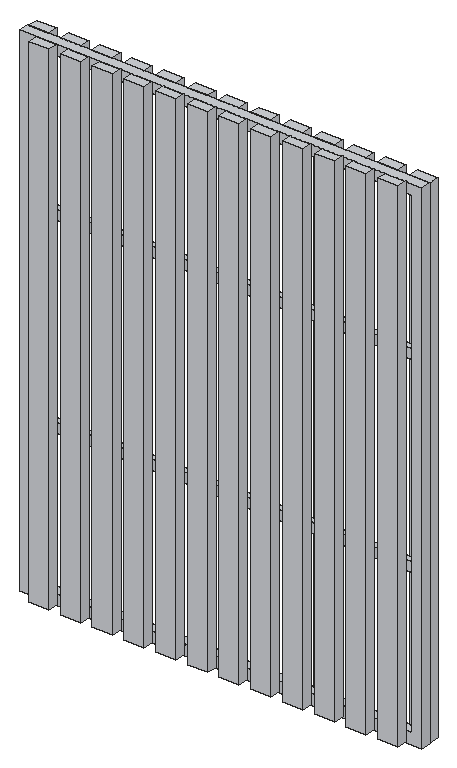
Revit family "Privacy Screen_Virtical Members_Double", category Generic Models, Revit 2025
Family settings
  Can host rebar = No
  Round Connector Dimension = Use Diameter
  Part Type = Normal
  Work Plane-Based = No
  Always vertical = Yes
  Cut with Voids When Loaded = No
  Maintain Annotation Orientation = No
  Shared = No
  Room Calculation Point = No
Parameters
  Screen height = 2500 mm
  Screen Width = 2000 mm
  Post Width = 100 mm
  Post Height = Screen height  # 2500 mm
  Post Depth = 50 mm
  Material = none
  Frame Width = 50 mm
  Frame Depth = 50 mm
  Default Elevation = 0 mm
  Bottom Battern Height = 750 mm
  Battern Width = 25 mm
  Battern Thickness = 50 mm
  Battern Space = 1000 mm
  Battern Length = Screen Width - 2 * Frame Depth  # 1900 mm
  Baluster Start = 50 mm  # constant formula
  Baluster Count 2 = (Screen Width / Post Depth) / 3 - 1  # 12
  Baluster Count = (Screen Width / Post Depth) / 3  # 13
Reference planes
  plane 1 "Center (Front/Back)": y = 0
  plane 2: z = 0
  plane 3 "Center (Left/Right)": x = 0
  plane 4: x = -1000
  plane 5: x = 1000
  plane 6: z = 2500
  plane 7: z = 50
  plane 8: x = -950
  plane 9: x = 950
  plane 10: z = 2450
  plane 11: y = -25
  plane 12: y = 25
  plane 13: x = -900
  plane 14: x = -950
  plane 15: x = 900
  plane 16: x = 950
  plane 17: z = 750
  plane 18: z = 1750
  plane 19: y = 0
  plane 20: x = -1000
  plane 21: x = -893.934
  plane 22: x = 893.934
  plane 23: x = 1000
  plane 24: x = -842.172
  plane 25: x = -736.106
  plane 26: x = -684.344
  plane 27: x = -578.278
  plane 28: x = -526.517
  plane 29: x = -420.45
  plane 30: x = -368.689
  plane 31: x = -262.623
  plane 32: x = -210.861
  plane 33: x = -104.795
  plane 34: x = -53.033
  plane 35: x = 53.033
  plane 36: x = 104.795
  plane 37: x = 210.861
  plane 38: x = 262.623
  plane 39: x = 368.689
  plane 40: x = 420.45
  plane 41: x = 526.517
  plane 42: x = 578.278
  plane 43: x = 684.344
  plane 44: x = 736.106
  plane 45: x = 842.172
  plane 46: y = 106.066
  plane 47: y = 0
  plane 48: y = 106.066
  plane 49: y = 0
  plane 50: y = 106.066
  plane 51: y = 0
  plane 52: y = 106.066
  plane 53: y = 0
  plane 54: y = 106.066
  plane 55: y = 0
  plane 56: y = 106.066
  plane 57: y = 0
  plane 58: y = 106.066
  plane 59: y = 0
  plane 60: y = 106.066
  plane 61: y = 0
  plane 62: y = 106.066
  plane 63: y = 0
  plane 64: y = 106.066
  plane 65: y = 0
  plane 66: y = 106.066
  plane 67: y = 0
  plane 68: y = 106.066
  plane 69: y = 0
  plane 70: y = 106.066
  plane 71: y = 0
  plane 72: x = -920
  plane 73: x = -813.934
  plane 74: x = 816.967
  plane 75: x = 923.033
  plane 76: x = -762.094
  plane 77: x = -656.028
  plane 78: x = -604.188
  plane 79: x = -498.122
  plane 80: x = -446.282
  plane 81: x = -340.216
  plane 82: x = -288.376
  plane 83: x = -182.31
  plane 84: x = -130.47
  plane 85: x = -24.404
  plane 86: x = 27.437
  plane 87: x = 133.503
  plane 88: x = 185.343
  plane 89: x = 291.409
  plane 90: x = 343.249
  plane 91: x = 449.315
  plane 92: x = 501.155
  plane 93: x = 607.221
  plane 94: y = 6.066
  plane 95: y = -100
  plane 96: y = 6.066
  plane 97: y = -100
  plane 98: y = 6.066
  plane 99: y = -100
  plane 100: y = 6.066
  plane 101: y = -100
  plane 102: y = 6.066
  plane 103: y = -100
  plane 104: y = 6.066
  plane 105: y = -100
  plane 106: y = 6.066
  plane 107: y = -100
  plane 108: y = 6.066
  plane 109: y = -100
  plane 110: y = 6.066
  plane 111: y = -100
  plane 112: y = 6.066
  plane 113: y = -100
  plane 114: y = 6.066
  plane 115: y = -100
  plane 116: x = 659.061
  plane 117: x = 765.127
  plane 118: y = 6.066
  plane 119: y = -100
Forms (mm)
  Sweep 1, solid, material <- "Material"
    path origin (0, 0, 0) x (1, 0, 0) y (0, 0, 1)
      loop
        line (-1000, 0) -> (1000, 0) -> (1000, 2500) -> (-1000, 2500) -> (-1000, 0)
    profile origin (-1000, 0, 1250) x (0, -1, 0) y (1, 0, 0)
      loop
        line (0, 0) -> (50, 0) -> (50, 50) -> (0, 50) -> (0, 0)
Dimensions and locks
  equal spacing: plane 4, plane 3 "Center (Left/Right)", plane 5
  "Screen Width": plane 4 to plane 5
  "Screen height": plane 6 to plane 2
  "Frame Depth": Sweep 1 sketch curve to Sweep 1 sketch curve
  "Frame Width": Sweep 1 sketch curve to Sweep 1 sketch curve
  "Frame Depth": plane 7 to plane 2
  "Frame Depth": plane 8 to plane 4
  "Frame Depth": plane 9 to plane 5
  "Frame Depth": plane 10 to plane 6
  equal spacing: plane 12, plane 1 "Center (Front/Back)", plane 11
  "Frame Width": plane 12 to plane 11
  "Frame Depth": plane 4 to plane 14
  "Baluster Start": plane 14 to plane 13
  "Frame Depth": plane 5 to plane 16
  "Baluster Start": plane 15 to plane 16
  equal spacing: group 1, group 3, group 4, group 5, group 6, group 7, group 8, group 9, group 10, group 11, group 12, group 13, group 2  (x3)
  "Bottom Battern Height": plane 17 to level
  "Battern Space": plane 18 to plane 17
  "Battern Width": plane 11 to plane 19
  equal spacing: group 14, group 16, group 17, group 18, group 19, group 20, group 21, group 22, group 23, group 24, group 25, group 15  (x3)
  aligned and locked: level to plane 2
  aligned and locked: Sweep 1 sketch curve to level
  aligned and locked: Sweep 1 sketch curve to plane 4
  aligned and locked: plane 6 to Sweep 1 sketch curve
  aligned and locked: Sweep 1 sketch curve to plane 5
  aligned and locked: nested 1 to plane 3 "Center (Left/Right)"
  aligned and locked: plane 11 to nested 1
  aligned and locked: nested 1 to plane 17
  aligned and locked: plane 11 to nested 2
  aligned and locked: nested 2 to plane 3 "Center (Left/Right)"
  aligned and locked: plane 18 to nested 2
  aligned and locked: profile plane to Sweep 1 sketch curve
  aligned and locked: plane 4 to plane 20
  aligned and locked: plane 23 to plane 5
  aligned and locked: plane 47 to plane 1 "Center (Front/Back)"
  aligned and locked: plane 49 to plane 1 "Center (Front/Back)"
  aligned and locked: plane 1 "Center (Front/Back)" to nested 3
Automatic sketch dimensions
  Sweep 1 sketch curve to profile plane = 0 mm
Nested families
  nested 1: "Screen Front Battern" at (0, -12.5, 750) x (-1, 0, 0) z (0, 0, 1), type "Screen Front Battern"
    with Length 1900 mm
  nested 2: "Screen Front Battern" at (0, -12.5, 1700) x (-1, 0, 0) z (0, 0, 1), type "Screen Front Battern"
    with Length 1900 mm
  nested 3: "Screen Post" at (-946.967, 25, 0) x (-1, 0, 0) z (0, 0, 1), type "Screen Post"
    with Width 100 mm, Length 50 mm, Height 2500 mm
  nested 4: "Screen Post" at (946.967, 25, 0) x (-1, 0, 0) z (0, 0, 1), type "Screen Post"
    with Width 100 mm, Length 50 mm, Height 2500 mm
  nested 5: "Screen Post" at (-789.139, 25, 0) x (-1, 0, 0) z (0, 0, 1), type "Screen Post"
    with Width 100 mm, Length 50 mm, Height 2500 mm
  nested 6: "Screen Post" at (-631.311, 25, 0) x (-1, 0, 0) z (0, 0, 1), type "Screen Post"
    with Width 100 mm, Length 50 mm, Height 2500 mm
  nested 7: "Screen Post" at (-473.483, 25, 0) x (-1, 0, 0) z (0, 0, 1), type "Screen Post"
    with Width 100 mm, Length 50 mm, Height 2500 mm
  nested 8: "Screen Post" at (-315.656, 25, 0) x (-1, 0, 0) z (0, 0, 1), type "Screen Post"
    with Width 100 mm, Length 50 mm, Height 2500 mm
  nested 9: "Screen Post" at (-157.828, 25, 0) x (-1, 0, 0) z (0, 0, 1), type "Screen Post"
    with Width 100 mm, Length 50 mm, Height 2500 mm
  nested 10: "Screen Post" at (0, 25, 0) x (-1, 0, 0) z (0, 0, 1), type "Screen Post"
    with Width 100 mm, Length 50 mm, Height 2500 mm
  nested 11: "Screen Post" at (157.828, 25, 0) x (-1, 0, 0) z (0, 0, 1), type "Screen Post"
    with Width 100 mm, Length 50 mm, Height 2500 mm
  nested 12: "Screen Post" at (315.656, 25, 0) x (-1, 0, 0) z (0, 0, 1), type "Screen Post"
    with Width 100 mm, Length 50 mm, Height 2500 mm
  nested 13: "Screen Post" at (473.483, 25, 0) x (-1, 0, 0) z (0, 0, 1), type "Screen Post"
    with Width 100 mm, Length 50 mm, Height 2500 mm
  nested 14: "Screen Post" at (631.311, 25, 0) x (-1, 0, 0) z (0, 0, 1), type "Screen Post"
    with Width 100 mm, Length 50 mm, Height 2500 mm
  nested 15: "Screen Post" at (789.139, 25, 0) x (-1, 0, 0) z (0, 0, 1), type "Screen Post"
    with Width 100 mm, Length 50 mm, Height 2500 mm
  nested 16: "Screen Post" at (-866.967, -75, 0) x (-1, 0, 0) z (0, 0, 1), type "Screen Post"
    with Width 100 mm, Length 50 mm, Height 2500 mm
  nested 17: "Screen Post" at (870, -75, 0) x (-1, 0, 0) z (0, 0, 1), type "Screen Post"
    with Width 100 mm, Length 50 mm, Height 2500 mm
  nested 18: "Screen Post" at (-709.061, -75, 0) x (-1, 0, 0) z (0, 0, 1), type "Screen Post"
    with Width 100 mm, Length 50 mm, Height 2500 mm
  nested 19: "Screen Post" at (-551.155, -75, 0) x (-1, 0, 0) z (0, 0, 1), type "Screen Post"
    with Width 100 mm, Length 50 mm, Height 2500 mm
  nested 20: "Screen Post" at (-393.249, -75, 0) x (-1, 0, 0) z (0, 0, 1), type "Screen Post"
    with Width 100 mm, Length 50 mm, Height 2500 mm
  nested 21: "Screen Post" at (-235.343, -75, 0) x (-1, 0, 0) z (0, 0, 1), type "Screen Post"
    with Width 100 mm, Length 50 mm, Height 2500 mm
  nested 22: "Screen Post" at (-77.437, -75, 0) x (-1, 0, 0) z (0, 0, 1), type "Screen Post"
    with Width 100 mm, Length 50 mm, Height 2500 mm
  nested 23: "Screen Post" at (80.47, -75, 0) x (-1, 0, 0) z (0, 0, 1), type "Screen Post"
    with Width 100 mm, Length 50 mm, Height 2500 mm
  nested 24: "Screen Post" at (238.376, -75, 0) x (-1, 0, 0) z (0, 0, 1), type "Screen Post"
    with Width 100 mm, Length 50 mm, Height 2500 mm
  nested 25: "Screen Post" at (396.282, -75, 0) x (-1, 0, 0) z (0, 0, 1), type "Screen Post"
    with Width 100 mm, Length 50 mm, Height 2500 mm
  nested 26: "Screen Post" at (554.188, -75, 0) x (-1, 0, 0) z (0, 0, 1), type "Screen Post"
    with Width 100 mm, Length 50 mm, Height 2500 mm
  nested 27: "Screen Post" at (712.094, -75, 0) x (-1, 0, 0) z (0, 0, 1), type "Screen Post"
    with Width 100 mm, Length 50 mm, Height 2500 mm
Definition of nested family "Screen Front Battern"
  Parameters (values of type "Screen Front Battern")
    Width = 25 mm
    Thickness = 50 mm
    Material = none
    Length = 1000 mm
    Default Elevation = 0 mm
  Reference planes
    plane 1 "Center (Front/Back)": y = 0
    plane 2: z = 0
    plane 3 "Center (Left/Right)": x = 0
    plane 4: y = 12.5
    plane 5: y = -12.5
    plane 6: x = -500
    plane 7: x = 500
    plane 8: z = 50
  Forms (mm)
    Extrusion 1, solid
      sketch origin (0, 0, 0) x (0, 1, 0) y (0, 0, 1)
        loop
          line (12.5, 0) -> (12.5, 50) -> (-12.5, 50) -> (-12.5, 0) -> (12.5, 0)
      from -500 to 500
  Dimensions and locks
    equal spacing: plane 5, plane 1 "Center (Front/Back)", plane 4
    equal spacing: plane 6, plane 3 "Center (Left/Right)", plane 7
    "Length": plane 6 to plane 7
    "Thickness": plane 8 to plane 2
    equal spacing: plane 4, plane 1 "Center (Front/Back)", plane 5
    "Width": plane 4 to plane 5
    aligned and locked: level to plane 2
    aligned and locked: level to Extrusion 1 sketch curve
    aligned and locked: Extrusion 1 sketch curve to plane 4
    aligned and locked: Extrusion 1 sketch curve to plane 8
    aligned and locked: Extrusion 1 sketch curve to plane 5
    aligned and locked: Extrusion 1 to plane 6
    aligned and locked: Extrusion 1 to plane 7
Definition of nested family "Screen Post"
  Parameters (values of type "Screen Post")
    Width = 150 mm
    Material = none
    Length = 150 mm
    Height = 1500 mm
    Default Elevation = 0 mm
  Reference planes
    plane 1 "Center (Front/Back)": y = 0
    plane 2: z = 0
    plane 3 "Center (Left/Right)": x = 0
    plane 4: y = 75
    plane 5: y = -75
    plane 6: x = -75
    plane 7: x = 75
    plane 8: z = 1500
  Forms (mm)
    Extrusion 1, solid, material <- "Material"
      sketch origin (0, 0, 0) x (1, 0, 0) y (0, 1, 0)
        loop
          line (-75, -75) -> (75, -75) -> (75, 75) -> (-75, 75) -> (-75, -75)
      from 0 to 1500
  Dimensions and locks
    equal spacing: plane 5, plane 1 "Center (Front/Back)", plane 4
    "Length": plane 4 to plane 5
    equal spacing: plane 6, plane 3 "Center (Left/Right)", plane 7
    "Width": plane 6 to plane 7
    "Height": plane 8 to plane 2
    aligned and locked: level to plane 2
    aligned and locked: plane 5 to Extrusion 1 sketch curve
    aligned and locked: Extrusion 1 sketch curve to plane 6
    aligned and locked: plane 4 to Extrusion 1 sketch curve
    aligned and locked: Extrusion 1 sketch curve to plane 7
    aligned and locked: plane 8 to Extrusion 1
    aligned and locked: Extrusion 1 to level
